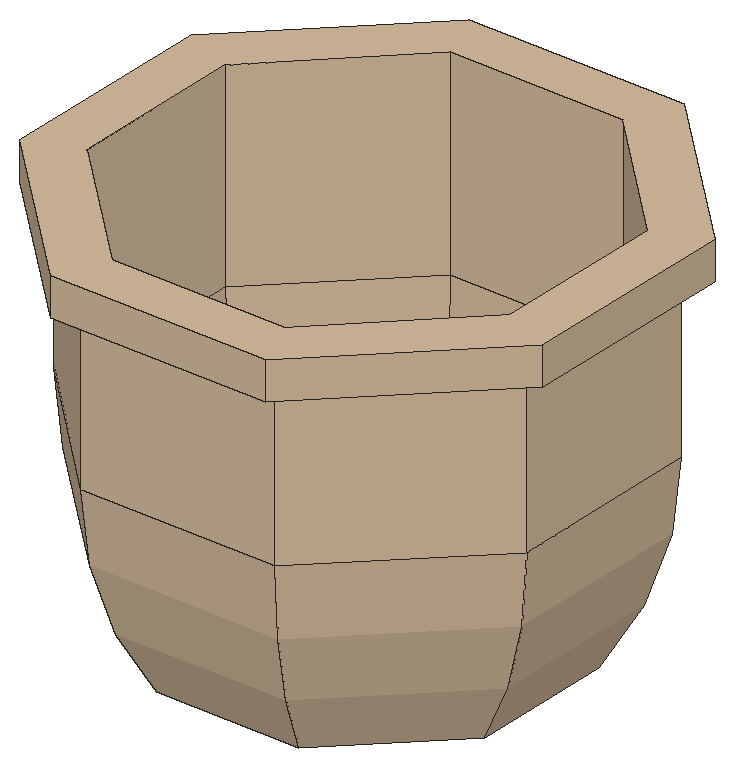
Revit family "Specialty_Equipment-Fiberstone_Planter-Stone_Yard-Nagano", category Specialty Equipment, Revit 2023
Family settings
  Round Connector Dimension = Use Diameter
  Part Type = Normal
  OmniClass Number = 23.40.05.21.17
  OmniClass Title = Planters
  Work Plane-Based = No
  Enable Cutting in Views = No
  Always vertical = Yes
  Cut with Voids When Loaded = No
  Maintain Annotation Orientation = No
  Shared = No
  Room Calculation Point = No
Parameters (values of type "21"Dia x 16"H")
  URL = "https://stoneyardinc.com/"
  Type Comments = "Round Planter"  # constant formula
  Model = "Nagano Planter"  # constant formula
  Manufacturer = "Stone Yard"  # constant formula
  Description = "Nagano Planter"  # constant formula
  Default Elevation = 0.0"
  CD_Specification = "https://stoneyardinc.com/content/Nagano%20Planter-Stone%20Yard%20Tear%20Sheet-2025.pdf"
  CD_Sides Length = CD_Diameter * 0.41  # 8.61"
  CD_Inner Hole = 2.0"
  CD_Fillet Height = CD_Height * 0.4  # 6.4"
  CD_Product Page URL = "https://stoneyardinc.com/nagano-planter/"
  CD_Product Name [instance] = "Nagano Planter"  # constant formula
  CD_Microsite = "https://www.caddetails.com/3404"
  CD_Height = 16.0"
  CD_Finish = Concrete-Fiberstone-Carlsbad-Fossil
  CD_Diameter = 21.0"
  CD_Created By = "CADdetails LTD. 2025"  # constant formula
  CD_Base Diameter = CD_Diameter / 3  # 7.0"
  Assembly Code = "G2050600"
Reference planes (in)
  plane 1 "Center (Front/Back)": y = 0
  plane 2 "Bottom": z = 0
  plane 3 "Center (Left/Right)": x = 0
  plane 4 "Back": y = 10.5
  plane 5 "Front": y = -10.5
  plane 6 "Top": z = 16
  plane 7 "Left": x = -10.5
  plane 8 "Right": x = 10.5
  plane 9 "Base": z = 1.2
  plane 10 "mid": z = 8
  plane 11 "2": x = 7
Forms (in)
  Sweep 1, solid, material "Concrete-Fiberstone-Carlsbad-Fossil" <- "CD_Finish"
    path origin (0, 0, 0) x (1, 0, 0) y (0, 1, 0)
      loop
        line (10.5, 4.305) -> (4.305, 10.5) -> (-4.305, 10.5) -> (-10.5, 4.305) -> (-10.5, -4.305) -> (-4.305, -10.5) -> (4.305, -10.5) -> (10.5, -4.305) -> (10.5, 4.305)
    profile origin (10.5, 0, 0) x (1, 0, 0) y (0, 0, 1)
      loop
        line (-2, 16) -> (-2, 8)
        arc (-2, 8) -> (-2.37945, 4.51826) -> (-3.5, 1.2) r 16.16333
        line (-3.5, 1.2) -> (-9.5, 1.2) -> (-9.5, 0) -> (-3.5, 0)
        arc (-3.5, 0) -> (-1.63956, 3.80924) -> (-1, 8) r 14.05
        line (-1, 8) -> (-1, 14.5) -> (0, 14.5) -> (0, 16) -> (-2, 16)
  Extrusion 2, solid, material "Concrete-Fiberstone-Carlsbad-Fossil" <- "CD_Finish"
    sketch origin (0, 0, 0) x (1, 0, 0) y (0, 1, 0)
      loop
        circle (0, 0) r 1
    from 0 to 1.2
Dimensions and locks (in)
  equal spacing: plane 5 "Front", plane 1 "Center (Front/Back)", plane 4 "Back"
  equal spacing: plane 7 "Left", plane 3 "Center (Left/Right)", plane 8 "Right"
  "CD_Diameter": plane 8 "Right" to plane 7 "Left"
  plane 7 "Left" to plane 8 "Right" = 21.0"
  "CD_Diameter": plane 5 "Front" to plane 4 "Back"
  equal spacing: plane 8 "Right", plane 3 "Center (Left/Right)", plane 7 "Left"
  locked: plane 9 "Base" to level at 1.2
  locked: plane 8 "Right" to Sweep 1 sketch curve at 2
  locked: plane 8 "Right" to Sweep 1 sketch curve at 1
  equal spacing: plane 6 "Top", plane 10 "mid", level
  locked: plane 6 "Top" to Sweep 1 sketch curve at 1.5
  plane 5 "Front" to plane 1 "Center (Front/Back)" to plane 4 "Back" = 10.5", 10.5"
  "CD_Height": plane 6 "Top" to level
  equal spacing: Sweep 1 sketch curve, plane 1 "Center (Front/Back)", Sweep 1 sketch curve  (x2)
  "CD_Sides Length": Sweep 1 sketch curve to Sweep 1 sketch curve  (x4)
  equal spacing: Sweep 1 sketch curve, plane 3 "Center (Left/Right)", Sweep 1 sketch curve  (x2)
  plane 3 "Center (Left/Right)" to plane 7 "Left" = 10.5"
  "CD_Base Diameter": plane 11 "2" to plane 3 "Center (Left/Right)"
  locked: Sweep 1 sketch curve to plane 3 "Center (Left/Right)" at 1
  "CD_Inner Hole": diameter of Extrusion 2 sketch curve
  locked: Sweep 1 sketch curve to Sweep 1 sketch curve (angle 135.00°)  (x4)
  aligned and locked: plane 2 "Bottom" to level
  aligned and locked: Sweep 1 sketch curve to plane 6 "Top"
  aligned and locked: plane 8 "Right" to Sweep 1 sketch curve
  aligned and locked: plane 10 "mid" to Sweep 1 sketch curve  (x2)
  aligned and locked: plane 9 "Base" to Sweep 1 sketch curve
  aligned and locked: Sweep 1 sketch curve to plane 7 "Left"
  aligned and locked: Sweep 1 sketch curve to plane 8 "Right"
  aligned and locked: Sweep 1 sketch curve to plane 5 "Front"
  aligned and locked: plane 11 "2" to Sweep 1 sketch curve  (x2)
  aligned and locked: plane 9 "Base" to Extrusion 2
  aligned and locked: Extrusion 2 to level
Automatic sketch dimensions
  Sweep 1 sketch curve to level = 0.0"
  plane 1 "Center (Front/Back)" to Extrusion 2 sketch curve = 0.0"
  Extrusion 2 sketch curve to plane 3 "Center (Left/Right)" = 0.0"
Types in the file's own list only (2): name | CD_Sides Length | CD_Fillet Height | CD_Height | CD_Diameter | CD_Base Diameter
  26"Dia x 20"H | 10.7" | 8.0" | 20.0" | 26.0" | 8.7"
  34"Dia x 28"H | 13.9" | 11.2" | 28.0" | 34.0" | 11.3"
